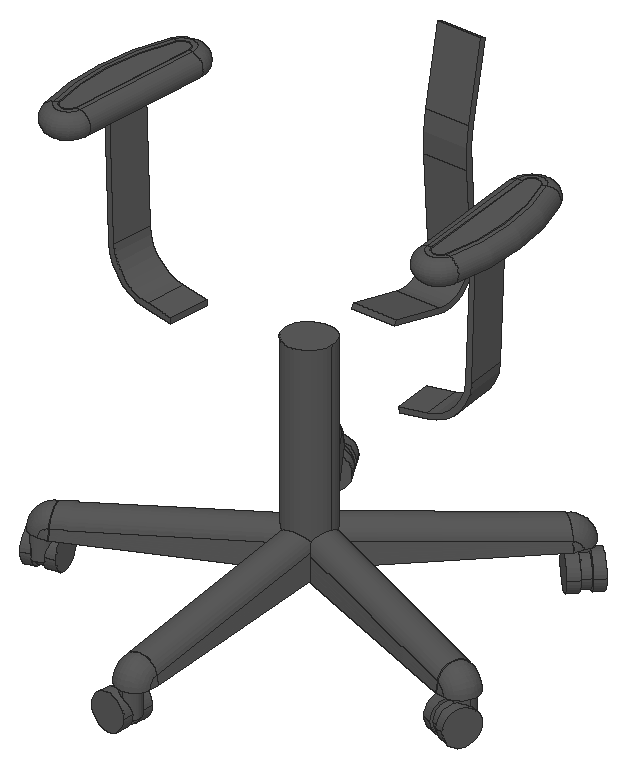
Revit family
Parameters (values of type "Modified Round Back")
  URL = "http://www.turnstonefurniture.com"
  Symbol Name = "TS3101"
  Style Number(s) = "TS30101"
  Square Mid Back = no
  Round Mid Back = no
  Round High Back = no
  Release Date = "January 2012"  # constant formula
  Product Line = "Turnstone 1.0"  # constant formula
  Product = "A La Carte"  # constant formula
  Opaque [instance] = yes
  Modified Round Back = yes
  Manufacturer = "Steelcase"  # constant formula
  Height Adjustable Back = Modified Round Back  # yes
  Fixed Back = not(Height Adjustable Back)  # no
  Draw in Foreground [instance] = yes
  Description = ""
  Copyright = "© 2010 Steelcase Inc."  # constant formula
  AutoCAD Tag = "A LA CARTE"
  Authoring Version = "Revit Architecture 2009"  # constant formula
  Assembly Code = "E2020200"
Types (4): name | Symbol Name | Style Number(s) | Square Mid Back | Round Mid Back | Round High Back | Modified Round Back | Height Adjustable Back | Fixed Back
  Modified Round Back | "TS3101" | "TS30101" | no | no | no | yes | yes | no
  Round High Back | "TS3103" | "TS30103" | no | no | yes | no | no | yes
  Square Mid Back | "TS3108" | "TS30105" | yes | no | no | no | no | yes
  Round Mid Back | "TS3102" | "TS30102" | no | yes | no | no | no | yes
Reference planes (in)
  plane 1 "Front": y = 0
  plane 2 "Bottom": z = 0
  plane 3 "Center Left/Right": x = 0
Forms (in)
  Extrusion 1, solid
    sketch origin (-0.125, 1.27039, 0) x (1, 0, 0) y (0, 1, 0)
      loop
        circle (0.18554, 9.43343) r 1.35438
    from 4.77675 to 14.83688
  Blend 2, solid
    base sketch origin (0.84265, 8.25391, 0) x (-0.999995, 0.003233, 0) y (0, 0, -1)
      loop
        arc (-0.28278, -4.59192) -> (0.72147, -5.47809) -> (1.70644, -4.57054) r 1
        line (1.70644, -4.57054) -> (1.83348, -3.2015) -> (-0.44201, -3.2015) -> (-0.28278, -4.59192)
    top sketch origin (0.84265, 8.25391, 0) x (-0.999995, 0.003233, 0) y (0, 0, -1)
      loop
        line (1.88711, -2.29021) -> (-0.24897, -2.29021) -> (-0.16993, -2.81817)
        arc (-0.16993, -2.81817) -> (0.81902, -3.6701) -> (1.80802, -2.81824) r 1
        line (1.80802, -2.81824) -> (1.88711, -2.29021)
    from -2.44671 to 9.78424
  Revolve 3, solid
    sketch origin (0.81102, -1.53028, 0) x (-0.999995, 0.003233, 0) y (0, 0, -1)
      loop
        arc (-0.16993, -2.81817) -> (0.81902, -3.6701) -> (1.80802, -2.81824) r 1
        line (1.80802, -2.81824) -> (1.88711, -2.29021) -> (-0.24897, -2.29021) -> (-0.16993, -2.81817)
      axis (1.88711, -2.29021) -> (-0.24897, -2.29021)
    angle from 360 to 270
  Extrusion 4, solid
    sketch origin (-0.85733, -1.49293, 2.29021) x (-0.999995, 0.003233, 0) y (0.003233, 0.999995, 0)
      loop
        circle (-0.87278, -0.73884) r 0.5608
    from 0 to 1.51195
  Extrusion 5, solid
    sketch origin (0.33921, -1.70227, 0) x (-0.993669, 0.112346, 0) y (0, 0, 1)
      loop
        circle (0.83624, 1.02563) r 1.02563
    from -0.2541 to 0.37415
  Extrusion 6, solid
    sketch origin (0.19878, -2.94436, 0) x (-0.993669, 0.112346, 0) y (0, 0, 1)
      loop
        circle (0.83624, 1.02563) r 1.02563
    from -0.19835 to 0.37415
  Extrusion 7, solid
    sketch origin (0.26161, -2.38865, 0) x (-0.993669, 0.112346, 0) y (0, 0, 1)
      loop
        circle (0.83624, 1.02563) r 0.9
    from -0.10095 to 0.37415
  Sweep 8, solid
    path origin (-1.52318, -6.94234, -0.51108) x (-0.995378, 0.096038, 0) y (0, 0, 1)
      loop
        line (10.80378, 24.1772) -> (10.55948, 17.18146)
        arc (10.55948, 17.18146) -> (9.82327, 15.40409) -> (8.10158, 14.54569) r 2.74668
        line (8.10158, 14.54569) -> (6.59071, 14.38689)
    profile origin (-12.15544, -5.9165, 20.16826) x (-0.994771, 0.095979, -0.034899) y (0.096038, 0.995378, 0)
      loop
        line (-0.04793, 17.67999) -> (-0.36877, 17.67999) -> (-0.36877, 15.34253) -> (-0.04793, 15.34253) -> (-0.04793, 17.67999)
  Sweep 9, solid
    path origin (0, 1.52039, 0) x (-1, 0, 0) y (0, 1, 0)
      loop
        arc (11.9898, 4.89571) -> (12.30872, 9.07079) -> (11.31396, 13.13815) r 13.30189
        arc (11.31396, 13.13815) -> (9.80181, 13.87923) -> (8.86202, 12.48188) r 1.28102
        arc (8.86202, 12.48188) -> (9.25881, 8.8056) -> (9.52582, 5.11762) r 104.92035
        arc (9.52582, 5.11762) -> (10.66183, 3.94094) -> (11.9898, 4.89571) r 1.25
    profile origin (-12.30872, 10.59118, 0) x (-0.996655, 0.081721, 0) y (0, 0, 1)
      loop
        line (-0.79992, 24.89178) -> (-0.79992, 23.45119)
        arc (-0.79992, 23.45119) -> (-0.55921, 23.46695) -> (-0.32781, 23.53507) r 1.09403
        arc (-0.32781, 23.53507) -> (0.09038, 24.28334) -> (-0.53586, 24.86867) r 0.69513
        line (-0.53586, 24.86867) -> (-0.79992, 24.89178)
  Extrusion 10, solid
    sketch origin (5.75, 1.52039, 0) x (-1, 0, 0) y (0, -1, 0)
      loop
        arc (16.96174, -5.08142) -> (16.48358, -4.73764) -> (16.07455, -5.16132) r 0.45008
        arc (16.07455, -5.16132) -> (15.8055, -8.87741) -> (15.40569, -12.58172) r 105.72027
        arc (15.40569, -12.58172) -> (15.75863, -13.10651) -> (16.32654, -12.82819) r 0.4811
        arc (16.32654, -12.82819) -> (17.26148, -9.00542) -> (16.96174, -5.08142) r 12.50197
    from 23.45119 to 24.89178
  Blend 11, solid
    base sketch origin (-2.06917, 9.14502, 0) x (-0.30594, 0.952051, 0) y (0, 0, -1)
      loop
        arc (-0.28278, -4.59192) -> (0.72147, -5.47809) -> (1.70644, -4.57054) r 1
        line (1.70644, -4.57054) -> (1.83348, -3.2015) -> (-0.44201, -3.2015) -> (-0.28278, -4.59192)
    top sketch origin (-2.06917, 9.14502, 0) x (-0.30594, 0.952051, 0) y (0, 0, -1)
      loop
        line (1.88711, -2.29021) -> (-0.24897, -2.29021) -> (-0.16993, -2.81817)
        arc (-0.16993, -2.81817) -> (0.81902, -3.6701) -> (1.80802, -2.81824) r 1
        line (1.80802, -2.81824) -> (1.88711, -2.29021)
    from -2.44671 to 9.78424
  Revolve 12, solid
    sketch origin (-11.38426, 6.15163, 0) x (-0.30594, 0.952051, 0) y (0, 0, -1)
      loop
        arc (-0.16993, -2.81817) -> (0.81902, -3.6701) -> (1.80802, -2.81824) r 1
        line (1.80802, -2.81824) -> (1.88711, -2.29021) -> (-0.24897, -2.29021) -> (-0.16993, -2.81817)
      axis (1.88711, -2.29021) -> (-0.24897, -2.29021)
    angle from 360 to 270
  Extrusion 13, solid
    sketch origin (-11.86429, 7.74987, 2.29021) x (-0.30594, 0.952051, 0) y (0.952051, 0.30594, 0)
      loop
        circle (-0.87278, -0.73884) r 0.5608
    from 0 to 1.51195
  Extrusion 14, solid
    sketch origin (-11.69363, 6.5472, 0) x (-0.200213, 0.979752, 0) y (0, 0, 1)
      loop
        circle (0.83624, 1.02563) r 1.02563
    from -0.2541 to 0.37415
  Extrusion 15, solid
    sketch origin (-12.91832, 6.29693, 0) x (-0.200213, 0.979752, 0) y (0, 0, 1)
      loop
        circle (0.83624, 1.02563) r 1.02563
    from -0.19835 to 0.37415
  Extrusion 16, solid
    sketch origin (-12.37039, 6.4089, 0) x (-0.200213, 0.979752, 0) y (0, 0, 1)
      loop
        circle (0.83624, 1.02563) r 0.9
    from -0.10095 to 0.37415
  Blend 17, solid
    base sketch origin (-2.12147, 12.1897, 0) x (0.810913, 0.585166, 0) y (0, 0, -1)
      loop
        arc (-0.28278, -4.59192) -> (0.72147, -5.47809) -> (1.70644, -4.57054) r 1
        line (1.70644, -4.57054) -> (1.83348, -3.2015) -> (-0.44201, -3.2015) -> (-0.28278, -4.59192)
    top sketch origin (-2.12147, 12.1897, 0) x (0.810913, 0.585166, 0) y (0, 0, -1)
      loop
        line (1.88711, -2.29021) -> (-0.24897, -2.29021) -> (-0.16993, -2.81817)
        arc (-0.16993, -2.81817) -> (0.81902, -3.6701) -> (1.80802, -2.81824) r 1
        line (1.80802, -2.81824) -> (1.88711, -2.29021)
    from -2.44671 to 9.78424
  Revolve 18, solid
    sketch origin (-7.84688, 20.12387, 0) x (0.810913, 0.585166, 0) y (0, 0, -1)
      loop
        arc (-0.16993, -2.81817) -> (0.81902, -3.6701) -> (1.80802, -2.81824) r 1
        line (1.80802, -2.81824) -> (1.88711, -2.29021) -> (-0.24897, -2.29021) -> (-0.16993, -2.81817)
      axis (1.88711, -2.29021) -> (-0.24897, -2.29021)
    angle from 360 to 270
  Extrusion 19, solid
    sketch origin (-6.4752, 21.07428, 2.29021) x (0.810913, 0.585166, 0) y (0.585166, -0.810913, 0)
      loop
        circle (-0.87278, -0.73884) r 0.5608
    from 0 to 1.51195
  Extrusion 20, solid
    sketch origin (-7.56627, 20.54034, 0) x (0.869931, 0.493174, 0) y (0, 0, 1)
      loop
        circle (0.83624, 1.02563) r 1.02563
    from -0.2541 to 0.37415
  Extrusion 21, solid
    sketch origin (-8.18274, 21.62775, 0) x (0.869931, 0.493174, 0) y (0, 0, 1)
      loop
        circle (0.83624, 1.02563) r 1.02563
    from -0.19835 to 0.37415
  Extrusion 22, solid
    sketch origin (-7.90693, 21.14124, 0) x (0.869931, 0.493174, 0) y (0, 0, 1)
      loop
        circle (0.83624, 1.02563) r 0.9
    from -0.10095 to 0.37415
  Blend 23, solid
    base sketch origin (0.75803, 13.1803, 0) x (0.807112, -0.590398, 0) y (0, 0, -1)
      loop
        arc (-0.28278, -4.59192) -> (0.72147, -5.47809) -> (1.70644, -4.57054) r 1
        line (1.70644, -4.57054) -> (1.83348, -3.2015) -> (-0.44201, -3.2015) -> (-0.28278, -4.59192)
    top sketch origin (0.75803, 13.1803, 0) x (0.807112, -0.590398, 0) y (0, 0, -1)
      loop
        line (1.88711, -2.29021) -> (-0.24897, -2.29021) -> (-0.16993, -2.81817)
        arc (-0.16993, -2.81817) -> (0.81902, -3.6701) -> (1.80802, -2.81824) r 1
        line (1.80802, -2.81824) -> (1.88711, -2.29021)
    from -2.44671 to 9.78424
  Revolve 24, solid
    sketch origin (6.53462, 21.07728, 0) x (0.807112, -0.590398, 0) y (0, 0, -1)
      loop
        arc (-0.16993, -2.81817) -> (0.81902, -3.6701) -> (1.80802, -2.81824) r 1
        line (1.80802, -2.81824) -> (1.88711, -2.29021) -> (-0.24897, -2.29021) -> (-0.16993, -2.81817)
      axis (1.88711, -2.29021) -> (-0.24897, -2.29021)
    angle from 360 to 270
  Extrusion 25, solid
    sketch origin (7.86239, 20.06643, 2.29021) x (0.807112, -0.590398, 0) y (-0.590398, -0.807112, 0)
      loop
        circle (-0.87278, -0.73884) r 0.5608
    from 0 to 1.51195
  Extrusion 26, solid
    sketch origin (7.01742, 20.9391, 0) x (0.73786, -0.674954, 0) y (0, 0, 1)
      loop
        circle (0.83624, 1.02563) r 1.02563
    from -0.2541 to 0.37415
  Extrusion 27, solid
    sketch origin (7.86111, 21.86142, 0) x (0.73786, -0.674954, 0) y (0, 0, 1)
      loop
        circle (0.83624, 1.02563) r 1.02563
    from -0.19835 to 0.37415
  Extrusion 28, solid
    sketch origin (7.48364, 21.44878, 0) x (0.73786, -0.674954, 0) y (0, 0, 1)
      loop
        circle (0.83624, 1.02563) r 0.9
    from -0.10095 to 0.37415
  Blend 29, solid
    base sketch origin (2.58995, 10.74785, 0) x (-0.312091, -0.950052, 0) y (0, 0, -1)
      loop
        arc (-0.28278, -4.59192) -> (0.72147, -5.47809) -> (1.70644, -4.57054) r 1
        line (1.70644, -4.57054) -> (1.83348, -3.2015) -> (-0.44201, -3.2015) -> (-0.28278, -4.59192)
    top sketch origin (2.58995, 10.74785, 0) x (-0.312091, -0.950052, 0) y (0, 0, -1)
      loop
        line (1.88711, -2.29021) -> (-0.24897, -2.29021) -> (-0.16993, -2.81817)
        arc (-0.16993, -2.81817) -> (0.81902, -3.6701) -> (1.80802, -2.81824) r 1
        line (1.80802, -2.81824) -> (1.88711, -2.29021)
    from -2.44671 to 9.78424
  Revolve 30, solid
    sketch origin (11.8855, 7.69428, 0) x (-0.312091, -0.950052, 0) y (0, 0, -1)
      loop
        arc (-0.16993, -2.81817) -> (0.81902, -3.6701) -> (1.80802, -2.81824) r 1
        line (1.80802, -2.81824) -> (1.88711, -2.29021) -> (-0.24897, -2.29021) -> (-0.16993, -2.81817)
      axis (1.88711, -2.29021) -> (-0.24897, -2.29021)
    angle from 360 to 270
  Extrusion 31, solid
    sketch origin (11.33443, 6.11913, 2.29021) x (-0.312091, -0.950052, 0) y (-0.950052, 0.312091, 0)
      loop
        circle (-0.87278, -0.73884) r 0.5608
    from 0 to 1.51195
  Extrusion 32, solid
    sketch origin (11.90327, 7.19241, 0) x (-0.413908, -0.910319, 0) y (0, 0, 1)
      loop
        circle (0.83624, 1.02563) r 1.02563
    from -0.2541 to 0.37415
  Extrusion 33, solid
    sketch origin (13.04117, 6.67503, 0) x (-0.413908, -0.910319, 0) y (0, 0, 1)
      loop
        circle (0.83624, 1.02563) r 1.02563
    from -0.19835 to 0.37415
  Extrusion 34, solid
    sketch origin (12.53207, 6.90651, 0) x (-0.413908, -0.910319, 0) y (0, 0, 1)
      loop
        circle (0.83624, 1.02563) r 0.9
    from -0.10095 to 0.37415
  Extrusion 35, solid, visible <- "Height Adjustable Back"
    sketch origin (0, 0, 1) x (0, -1, 0) y (0, 0, 1)
      loop
        line (-15.36813, 13.14989) -> (-18.51972, 12.36412)
        arc (-18.51972, 12.36412) -> (-20.06804, 12.69361) -> (-20.76097, 14.11689) r 1.80467
        arc (-20.76097, 14.11689) -> (-20.69342, 16.38511) -> (-20.49532, 18.64567) r 39.37533
        arc (-20.49532, 18.64567) -> (-20.45482, 19.80861) -> (-20.60339, 20.96274) r 7.1541
        line (-20.60339, 20.96274) -> (-21.49028, 25.13524) -> (-21.78046, 25.05749) -> (-20.89683, 20.90036)
        arc (-20.89683, 20.90036) -> (-20.7545, 19.79463) -> (-20.7933, 18.68046) r 6.8541
        arc (-20.7933, 18.68046) -> (-20.99291, 16.40268) -> (-21.06097, 14.11718) r 39.67533
        arc (-21.06097, 14.11718) -> (-20.25286, 12.45729) -> (-18.44714, 12.07303) r 2.10467
        line (-18.44714, 12.07303) -> (-15.23897, 12.87291) -> (-15.36813, 13.14989)
    from -1.44939 to 1.07839
  Sweep 36, solid
    path origin (1.64818, -6.94234, -0.51108) x (0.995378, 0.096038, 0) y (0, 0, -1)
      loop
        line (10.80378, -24.1772) -> (10.55948, -17.18146)
        arc (10.55948, -17.18146) -> (9.82327, -15.40409) -> (8.10158, -14.54569) r 2.74668
        line (8.10158, -14.54569) -> (6.59071, -14.38689)
    profile origin (12.28044, -5.9165, 20.16826) x (-0.994771, -0.095979, 0.034899) y (-0.096038, 0.995378, 0)
      loop
        line (0.04793, 17.67999) -> (0.04793, 15.34253) -> (0.36877, 15.34253) -> (0.36877, 17.67999) -> (0.04793, 17.67999)
  Sweep 37, solid
    path origin (-0.125, 1.52039, 0) x (1, 0, 0) y (0, 1, 0)
      loop
        arc (12.2398, 4.89571) -> (12.55872, 9.07079) -> (11.56396, 13.13815) r 13.30189
        arc (11.56396, 13.13815) -> (10.05181, 13.87923) -> (9.11202, 12.48188) r 1.28102
        arc (9.11202, 12.48188) -> (9.50881, 8.8056) -> (9.77582, 5.11762) r 104.92035
        arc (9.77582, 5.11762) -> (10.91183, 3.94094) -> (12.2398, 4.89571) r 1.25
    profile origin (12.43372, 10.59118, 0) x (-0.996655, -0.081721, 0) y (0, 0, 1)
      loop
        line (0.79992, 24.89178) -> (0.53586, 24.86867)
        arc (0.53586, 24.86867) -> (-0.09038, 24.28334) -> (0.32781, 23.53507) r 0.69513
        arc (0.32781, 23.53507) -> (0.55921, 23.46695) -> (0.79992, 23.45119) r 1.09403
        line (0.79992, 23.45119) -> (0.79992, 24.89178)
  Extrusion 38, solid
    sketch origin (-5.875, 1.52039, 0) x (1, 0, 0) y (0, 1, 0)
      loop
        arc (17.21174, 5.08142) -> (17.51148, 9.00542) -> (16.57654, 12.82819) r 12.50197
        arc (16.57654, 12.82819) -> (16.00863, 13.10651) -> (15.65569, 12.58172) r 0.4811
        arc (15.65569, 12.58172) -> (16.0555, 8.87741) -> (16.32455, 5.16132) r 105.72027
        arc (16.32455, 5.16132) -> (16.73358, 4.73764) -> (17.21174, 5.08142) r 0.45008
    from 23.45119 to 24.89178
  Extrusion 39, solid, visible <- "Fixed Back"
    sketch origin (0, 0, 0) x (-1, 0, 0) y (0, 0, 1)
      loop
        arc (-3.79262, 20.78192) -> (-0.04262, 19.64041) -> (3.70738, 20.78192) r 6.73039
        arc (3.70738, 20.78192) -> (-0.04262, 22.04392) -> (-3.79262, 20.78192) r 6.20249
      loop
        line (-3.81625, 20.72925) -> (-3.63106, 15.42608) -> (3.63106, 15.42608) -> (3.81625, 20.72925)
        arc (3.81625, 20.72925) -> (2.43753, 20.00988) -> (1.11572, 19.19065) r 21.03919
        arc (1.11572, 19.19065) -> (0, 18.85052) -> (-1.11572, 19.19065) r 2
        arc (-1.11572, 19.19065) -> (-2.43753, 20.00988) -> (-3.81625, 20.72925) r 21.03919
    from 21.11609 to 21.53345
  Extrusion 40, solid, visible <- "Fixed Back"
    sketch origin (0, 0, 0) x (0, -1, 0) y (0, 0, 1)
      loop
        line (-20.73795, 15.42608) -> (-21.53345, 15.42608) -> (-21.53345, 14.92608)
        arc (-21.53345, 14.92608) -> (-21.23434, 13.8644) -> (-20.425, 13.11499) r 2.03379
        line (-20.425, 13.11499) -> (-20.425, 13.36513)
        arc (-20.425, 13.36513) -> (-20.76858, 14.15497) -> (-20.73795, 15.01576) r 1.94786
        line (-20.73795, 15.01576) -> (-20.73795, 15.42608)
    from -3.63994 to 3.64762
  Extrusion 41, solid, visible <- "Fixed Back"
    sketch origin (0, 0, 0) x (-1, 0, 0) y (0, 0, 1)
      loop
        line (-3.81743, 20.76299) -> (-3.63106, 15.42608) -> (3.63106, 15.42608) -> (3.81517, 20.69822)
        arc (3.81517, 20.69822) -> (0.01001, 22.0437) -> (-3.81743, 20.76299) r 6.20249
    from 20.73795 to 21.11609
Lines and regions (in)
  Masking region 1, visible <- "Opaque", built-in parameter 1006206 <- "Draw in Foreground"
    outline origin (0, 0, 0) x (-1, 0, 0) y (0, -1, 0)
      loop
        arc (10.28246, -5.49955) -> (10.20058, -4.42816) -> (10.06819, -3.36184) r 22.74455
        arc (10.06819, -3.36184) -> (8.89227, -1.2249) -> (6.60602, -0.375) r 3.5
        line (6.60602, -0.375) -> (-6.33595, -0.375)
        arc (-6.33595, -0.375) -> (-9.16224, -1.54444) -> (-10.33594, -4.36897) r 4
        arc (-10.33594, -4.36897) -> (-10.33312, -4.95773) -> (-10.32286, -5.54641) r 46.64847
        arc (-10.32286, -5.54641) -> (-11.47147, -5.54041) -> (-12.19545, -6.43216) r 1.32852
        arc (-12.19545, -6.43216) -> (-12.50038, -10.65339) -> (-11.43913, -14.7504) r 13.05692
        arc (-11.43913, -14.7504) -> (-10.13723, -15.53952) -> (-8.94808, -14.58895) r 1.32944
        arc (-8.94808, -14.58895) -> (-7.9265, -15.62686) -> (-6.55423, -16.11444) r 3.25
        arc (-6.55423, -16.11444) -> (-8.81692, -17.05167) -> (-9.75416, -19.31437) r 3.19993
        arc (-9.75416, -19.31437) -> (-9.37731, -21.17834) -> (-8.30596, -22.74952) r 4.79819
        arc (-8.30596, -22.74952) -> (-0.03939, -24.78642) -> (8.22718, -22.74952) r 17.79294
        arc (8.22718, -22.74952) -> (9.44668, -20.46501) -> (9.15849, -17.89148) r 4.36843
        arc (9.15849, -17.89148) -> (7.93037, -16.51865) -> (6.1274, -16.14148) r 2.95117
        arc (6.1274, -16.14148) -> (7.65939, -15.58928) -> (8.77568, -14.4036) r 3.5
        arc (8.77568, -14.4036) -> (10.01044, -15.53876) -> (11.46199, -14.69838) r 1.41553
        arc (11.46199, -14.69838) -> (12.49998, -10.65778) -> (12.21057, -6.49603) r 13.05692
        arc (12.21057, -6.49603) -> (11.4762, -5.55337) -> (10.28246, -5.49955) r 1.42715
  symbolic lines, style "Steelcase Turnstone - A La Carte - Lines", built-in parameter 1006206 <- "Draw in Foreground"
    curve 1: line (6.33595, 0.375, 0) -> (-6.60602, 0.375, 0)
    curve 2: arc (10.33594, 4.36897, 0) -> (10.33312, 4.95773, 0) -> (10.32286, 5.54641, 0) r 46.64847
    curve 3: arc (-10.06819, 3.36184, 0) -> (-10.20058, 4.42816, 0) -> (-10.28246, 5.49955, 0) r 22.74455
    curve 4: arc (6.55423, 16.11444, 0) -> (0.21418, 16.48753, 0) -> (-6.1274, 16.14148, 0) r 56.08756
    curve 5: arc (-6.60602, 0.375, 0) -> (-8.89227, 1.2249, 0) -> (-10.06819, 3.36184, 0) r 3.5
    curve 6: arc (6.33595, 0.375, 0) -> (9.16224, 1.54444, 0) -> (10.33594, 4.36897, 0) r 4
    curve 7: arc (6.55423, 16.11444, 0) -> (7.9265, 15.62686, 0) -> (8.94808, 14.58895, 0) r 3.25
    curve 8: arc (-6.1274, 16.14148, 0) -> (-7.65939, 15.58928, 0) -> (-8.77568, 14.4036, 0) r 3.5
    curve 9: arc (12.19545, 6.43216, 0) -> (12.50038, 10.65339, 0) -> (11.43913, 14.7504, 0) r 13.05692
    curve 10: arc (-12.21057, 6.49603, 0) -> (-12.49998, 10.65778, 0) -> (-11.46199, 14.69838, 0) r 13.05692
    curve 11: arc (8.30596, 22.74952, 0) -> (0.03939, 24.78642, 0) -> (-8.22718, 22.74952, 0) r 17.79294
    curve 12: arc (-6.1274, 16.14148, 0) -> (-7.93037, 16.51865, 0) -> (-9.15849, 17.89148, 0) r 2.95117
    curve 13: arc (6.55423, 16.11444, 0) -> (8.81692, 17.05167, 0) -> (9.75416, 19.31437, 0) r 3.19993
    curve 14: arc (9.75416, 19.31437, 0) -> (9.37731, 21.17834, 0) -> (8.30596, 22.74952, 0) r 4.79819
    curve 15: arc (-9.15849, 17.89148, 0) -> (-9.44668, 20.46501, 0) -> (-8.22718, 22.74952, 0) r 4.36843
    curve 16: arc (-9.39622, 6.73818, 0) -> (-9.13135, 10.35659, 0) -> (-8.7591, 13.96554, 0) r 122.11445
    curve 17: arc (9.57737, 6.66049, 0) -> (9.29588, 10.36156, 0) -> (8.90348, 14.05251, 0) r 123.70822
    curve 18: arc (9.57737, 6.66049, 0) -> (10.78799, 5.41787, 0) -> (12.19545, 6.43216, 0) r 1.32852
    curve 19: arc (8.90348, 14.05251, 0) -> (9.87042, 15.49464, 0) -> (11.43913, 14.7504, 0) r 1.32944
    curve 20: arc (-12.21057, 6.49603, 0) -> (-10.69862, 5.39931, 0) -> (-9.39622, 6.73818, 0) r 1.42715
    curve 21: arc (-8.7591, 13.96554, 0) -> (-9.79443, 15.49788, 0) -> (-11.46199, 14.69838, 0) r 1.41553
Dimensions and locks (in)
  aligned and locked: level to plane 2 "Bottom"
